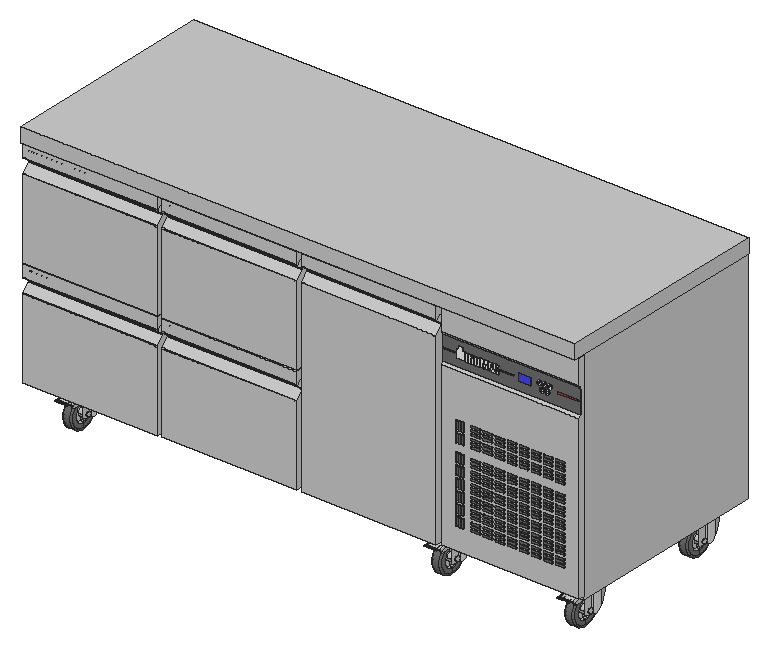
Revit family "QF_INOMAK_PNRP999_250513024609", category Specialty Equipment, Revit 2021 (continued)
Definition of nested family "QF_INOMAK_REF_COUNTERS_DOORS_DRAWERS_6956"
  Definition of nested family "3_Drawers_1-3"
    Forms (mm)
      Extrusion 5, solid, material <- "Finish", visible <- "3 Drawers"
        sketch origin (35, 0, -220.667) x (0, -1, 0) y (0, 0, 1)
          loop
            line (665.734, 908.339) -> (665.734, 935.243)
            arc (665.734, 935.243) -> (666.433, 936.929) -> (668.119, 937.628) r 2.385
            line (668.119, 937.628) -> (680.029, 937.628) -> (686.544, 928.324)
            arc (686.544, 928.324) -> (688.671, 927.602) -> (690, 929.414) r 1.9
            line (690, 929.414) -> (690, 967.667) -> (648, 967.667) -> (648, 674) -> (690, 674)
        from 0 to -1130
      Extrusion 6, solid, material <- "Finish", visible <- "3 Drawers"
        sketch origin (35, 0, -441.333) x (0, -1, 0) y (0, 0, 1)
          loop
            line (690, 595.333) -> (690, 800.031)
            arc (690, 800.031) -> (689.866, 800.704) -> (689.485, 801.274) r 1.757
            line (689.485, 801.274) -> (666.663, 824.096)
            arc (666.663, 824.096) -> (665.976, 825.125) -> (665.734, 826.339) r 3.172
            line (665.734, 826.339) -> (665.734, 857.243)
            arc (665.734, 857.243) -> (666.433, 858.929) -> (668.119, 859.628) r 2.385
            line (668.119, 859.628) -> (680.029, 859.628) -> (686.544, 850.324)
            arc (686.544, 850.324) -> (688.671, 849.602) -> (690, 851.414) r 1.9
            line (690, 851.414) -> (690, 889.333) -> (648, 889.333) -> (648, 595.333) -> (690, 595.333)
        from 0 to -1130
    Lines and regions (mm)
      symbolic lines, visible <- "3 Drawers"
        curve 1: line (35, -850, 900) -> (35, -890, 900)
        curve 2: line (35, -890, 900) -> (1165, -890, 900)
        curve 3: line (1165, -890, 900) -> (1165, -850, 900)
        curve 4: line (1165, -850, 900) -> (35, -850, 900)
        curve 5: line (1135, -850, 900) -> (1135, -700, 900)
        curve 6: line (65, -850, 900) -> (65, -700, 900)
        curve 7: line (35, -1040, 900) -> (35, -1080, 900)
        curve 8: line (35, -1080, 900) -> (1165, -1080, 900)
        curve 9: line (1165, -1080, 900) -> (1165, -1040, 900)
        curve 10: line (1165, -1040, 900) -> (35, -1040, 900)
        curve 11: line (1135, -1040, 900) -> (1135, -890, 900)
        curve 12: line (65, -1040, 900) -> (65, -890, 900)
        curve 13: line (35, -1225, 900) -> (35, -1265, 900)
        curve 14: line (35, -1265, 900) -> (1165, -1265, 900)
        curve 15: line (1165, -1265, 900) -> (1165, -1225, 900)
        curve 16: line (1165, -1225, 900) -> (35, -1225, 900)
        curve 17: line (1135, -1225, 900) -> (1135, -1080, 900)
        curve 18: line (65, -1225, 900) -> (65, -1080, 900)
    Dimensions and locks
      "Length Actual": plane 3 "Left" to plane 4 "Right"
      "Depth Actual": plane 5 "Front" to plane 1 "Back"
      "Height Actual": plane 6 "Top" to plane 8 "Legs top"
      "Front inset": plane 7 "Front legs" to plane 5 "Front"
      "Plinth height": plane 8 "Legs top" to plane 2
      "Rear inset": plane 9 "Backsplash thickness" to plane 1 "Back"
      "Right panel thickness": plane 11 "Right panel" to plane 4 "Right"
      "Left panel thickness": plane 3 "Left" to plane 10 "Left panel"
      plane 14 to plane 15 = 4.667 mm
      equal spacing: plane 14, plane 12, plane 15
      locked: plane 16 to plane 13 at 2
      equal spacing: plane 18, plane 17, plane 19
      plane 18 to plane 19 = 5.333 mm
      "Bottom inset": plane 20 to plane 8 "Legs top"
      equal spacing: plane 21, plane 17, plane 12, plane 16
      "Top inset": plane 13 to plane 6 "Top"
      locked: plane 21 to plane 20 at 2
      aligned and locked: level to plane 2
      aligned and locked: Extrusion 1 to plane 11 "Right panel"
      aligned and locked: plane 10 "Left panel" to curve 1
      aligned and locked: plane 10 "Left panel" to curve 7
      aligned and locked: plane 10 "Left panel" to curve 13
      aligned and locked: Extrusion 2 sketch curve to plane 10 "Left panel"
      aligned and locked: plane 11 "Right panel" to Extrusion 2 sketch curve
      aligned and locked: Extrusion 3 sketch curve to plane 10 "Left panel"
      aligned and locked: plane 11 "Right panel" to Extrusion 3 sketch curve
      aligned and locked: Extrusion 4 sketch curve to plane 10 "Left panel"
      aligned and locked: plane 11 "Right panel" to Extrusion 4 sketch curve
      aligned and locked: Extrusion 2 to plane 13
      aligned and locked: Extrusion 3 to plane 15
      aligned and locked: Extrusion 4 to plane 19
      aligned and locked: Extrusion 5 to plane 11 "Right panel"
      aligned and locked: Extrusion 6 to plane 11 "Right panel"
      aligned and locked: Extrusion 1 sketch curve to plane 13
      aligned and locked: Extrusion 1 sketch curve to plane 7 "Front legs"
      aligned and locked: plane 18 to Extrusion 5 sketch curve
      aligned and locked: Extrusion 6 sketch curve to Extrusion 4  (x2)
      aligned and locked: Extrusion 5 sketch curve to plane 15
      aligned and locked: Extrusion 4 to Extrusion 5 sketch curve
      aligned and locked: Extrusion 6 sketch curve to plane 19
      aligned and locked: Extrusion 6 sketch curve to plane 20
    Automatic sketch dimensions
      Extrusion 2 sketch curve to plane 7 "Front legs" = 0 mm
      Extrusion 2 sketch curve to plane 5 "Front" = 565.045 mm
      Extrusion 3 sketch curve to plane 7 "Front legs" = 0 mm
      Extrusion 3 sketch curve to plane 5 "Front" = 565.045 mm
      Extrusion 4 sketch curve to plane 7 "Front legs" = 0 mm
      Extrusion 4 sketch curve to plane 5 "Front" = 565.045 mm
      curve 14 to plane 11 "Right panel" = 0 mm
      curve 8 to plane 11 "Right panel" = 0 mm
      curve 3 to plane 11 "Right panel" = 0 mm
      curve 6 to plane 5 "Front" = 0 mm
      curve 5 to plane 5 "Front" = 0 mm
      curve 1 to plane 5 "Front" = 150 mm
      curve 2 to curve 3 = 40 mm
      curve 10 to curve 1 = 150 mm
      curve 9 to curve 9 = 40 mm
      curve 13 to curve 7 = 145 mm
      curve 14 to curve 13 = 40 mm
      curve 3 to curve 5 = 30 mm
      curve 15 to curve 17 = 30 mm
      curve 11 to curve 17 = 0 mm
      curve 6 to plane 10 "Left panel" = 30 mm
      curve 18 to plane 10 "Left panel" = 30 mm
      curve 12 to curve 18 = 0 mm
      Extrusion 1 sketch curve to plane 14 = 0 mm
      Extrusion 1 sketch curve to plane 7 "Front legs" = 0 mm
      plane 7 "Front legs" to Extrusion 1 sketch curve = 0.515 mm
      plane 7 "Front legs" to Extrusion 1 sketch curve = 1.757 mm
      plane 7 "Front legs" to Extrusion 1 sketch curve = 1.9 mm
      Extrusion 1 sketch curve to Extrusion 1 sketch curve = 1.556 mm
      plane 7 "Front legs" to Extrusion 1 sketch curve = 9.971 mm
      plane 7 "Front legs" to Extrusion 1 sketch curve = 21.094 mm
      Extrusion 1 sketch curve to Extrusion 1 sketch curve = 11.91 mm
      Extrusion 1 sketch curve to Extrusion 1 sketch curve = 2.243 mm
      Extrusion 1 sketch curve to Extrusion 1 sketch curve = 2.385 mm
      Extrusion 1 sketch curve to Extrusion 1 sketch curve = 20.119 mm
      plane 13 to Extrusion 1 sketch curve = 85.635 mm
      Extrusion 1 sketch curve to Extrusion 1 sketch curve = 22.822 mm
      Extrusion 1 sketch curve to Extrusion 1 sketch curve = 19.985 mm
      Extrusion 1 sketch curve to Extrusion 1 sketch curve = 6.919 mm
      plane 15 to Extrusion 5 sketch curve = 59.328 mm
      Extrusion 5 sketch curve to Extrusion 5 sketch curve = 17.734 mm
      plane 15 to Extrusion 5 sketch curve = 61.571 mm
      Extrusion 5 sketch curve to Extrusion 5 sketch curve = 0.929 mm
      Extrusion 5 sketch curve to Extrusion 5 sketch curve = 2.385 mm
      Extrusion 5 sketch curve to Extrusion 5 sketch curve = 11.91 mm
      Extrusion 5 sketch curve to Extrusion 5 sketch curve = 6.515 mm
      Extrusion 5 sketch curve to Extrusion 5 sketch curve = 1.556 mm
      Extrusion 5 sketch curve to Extrusion 5 sketch curve = 21.58 mm
      plane 15 to Extrusion 5 sketch curve = 84.393 mm
      Extrusion 5 sketch curve to Extrusion 5 sketch curve = 1.242 mm
      Extrusion 5 sketch curve to Extrusion 5 sketch curve = 1.9 mm
      Extrusion 5 sketch curve to Extrusion 5 sketch curve = 0.515 mm
      Extrusion 5 sketch curve to Extrusion 5 sketch curve = 6.919 mm
      Extrusion 5 sketch curve to Extrusion 5 sketch curve = 30.039 mm
      plane 7 "Front legs" to Extrusion 6 sketch curve = 0.515 mm
      plane 7 "Front legs" to Extrusion 6 sketch curve = 1.757 mm
      plane 7 "Front legs" to Extrusion 6 sketch curve = 1.9 mm
      Extrusion 6 sketch curve to Extrusion 6 sketch curve = 1.556 mm
      plane 7 "Front legs" to Extrusion 6 sketch curve = 9.971 mm
      plane 7 "Front legs" to Extrusion 6 sketch curve = 21.094 mm
      Extrusion 6 sketch curve to Extrusion 6 sketch curve = 11.91 mm
      Extrusion 6 sketch curve to Extrusion 6 sketch curve = 2.243 mm
      Extrusion 6 sketch curve to Extrusion 6 sketch curve = 2.385 mm
      Extrusion 6 sketch curve to Extrusion 6 sketch curve = 20.119 mm
      plane 19 to Extrusion 6 sketch curve = 89.302 mm
      Extrusion 6 sketch curve to Extrusion 6 sketch curve = 22.822 mm
      Extrusion 6 sketch curve to Extrusion 6 sketch curve = 23.985 mm
      Extrusion 6 sketch curve to Extrusion 6 sketch curve = 6.919 mm
  Definition of nested family "2_Drawers_1-2"
    Parameters (values of type "2 Drawers 1-2")
      URL = "www.specifiglobal.com"
      Top inset [instance] = 4 mm
      Right panel thickness [instance] = 35 mm
      Rear inset [instance] = 10 mm
      Plinth height [instance] = 150 mm
      Model = ""
      Manufacturer = "DEMO CONSULTANT"
      Length Actual [instance] = 1200 mm
      Left panel thickness [instance] = 35 mm
      Height Actual [instance] = 900 mm
      Front inset [instance] = 10 mm
      Finish = none
      Doors drawers type [instance] = 4
      Description = ""
      Depth Actual [instance] = 700 mm
      Default Elevation = 0 mm
      Bottom inset [instance] = 4 mm
      Assembly Code = "E1090320"
      2 Drawers [instance] = Doors drawers type = 4  # yes
    Reference planes
      plane 1 "Back": y = 0
      plane 2: z = 0
      plane 3 "Left": x = 0
      plane 4 "Right": x = 1200
      plane 5 "Front": y = -700
      plane 6 "Top": z = 1050
      plane 7 "Front legs": y = -690
      plane 8 "Legs top": z = 150
      plane 9 "Backsplash thickness": y = -10
      plane 10 "Left panel": x = 35
      plane 11 "Right panel": x = 1165
      plane 12: z = 600
      plane 13: z = 1046
      plane 14: z = 602
      plane 15: z = 598
      plane 16: z = 154
    Forms (mm)
      Extrusion 1, solid, material <- "Finish", visible <- "2 Drawers"
        sketch origin (35, 0, 0) x (0, -1, 0) y (0, 0, 1)
          loop
            line (690, 602) -> (690, 960.365)
            arc (690, 960.365) -> (689.866, 961.037) -> (689.485, 961.607) r 1.757
            line (689.485, 961.607) -> (666.663, 984.429)
            arc (666.663, 984.429) -> (665.976, 985.458) -> (665.734, 986.672) r 3.172
            line (665.734, 986.672) -> (665.734, 1013.576)
            arc (665.734, 1013.576) -> (666.433, 1015.262) -> (668.119, 1015.961) r 2.385
            line (668.119, 1015.961) -> (680.029, 1015.961) -> (686.544, 1006.657)
            arc (686.544, 1006.657) -> (688.671, 1005.935) -> (690, 1007.747) r 1.9
            line (690, 1007.747) -> (690, 1046) -> (648, 1046) -> (648, 602) -> (690, 602)
        from 0 to -1130
      Extrusion 2, solid, visible <- "2 Drawers", detail levels coarse
        sketch origin (0, -640.463, 602) x (0, 1, 0) y (-1, 0, 0)
          loop
            line (-49.537, -35) -> (-624.537, -35) -> (-624.537, -1165) -> (-49.537, -1165) -> (-49.537, -35)
        from 0 to 444
      Extrusion 3, solid, visible <- "2 Drawers", detail levels coarse
        sketch origin (0, -700, 154) x (-1, 0, 0) y (0, 1, 0)
          loop
            line (-35, 10) -> (-1165, 10) -> (-1165, -565) -> (-35, -565) -> (-35, 10)
        from 0 to -444
      Extrusion 4, solid, material <- "Finish", visible <- "2 Drawers"
        sketch origin (35, 0, -441.333) x (0, -1, 0) y (0, 0, 1)
          loop
            line (690, 595.333) -> (690, 953.698)
            arc (690, 953.698) -> (689.866, 954.37) -> (689.485, 954.94) r 1.757
            line (689.485, 954.94) -> (666.663, 977.763)
            arc (666.663, 977.763) -> (665.976, 978.792) -> (665.734, 980.006) r 3.172
            line (665.734, 980.006) -> (665.734, 1006.909)
            arc (665.734, 1006.909) -> (666.433, 1008.596) -> (668.119, 1009.294) r 2.385
            line (668.119, 1009.294) -> (680.029, 1009.294) -> (686.544, 999.991)
            arc (686.544, 999.991) -> (688.671, 999.268) -> (690, 1001.08) r 1.9
            line (690, 1001.08) -> (690, 1039.333) -> (648, 1039.333) -> (648, 595.333) -> (690, 595.333)
        from 0 to -1130
    Lines and regions (mm)
      symbolic lines, visible <- "2 Drawers"
        curve 1: line (35, -940, 900) -> (35, -980, 900)
        curve 2: line (35, -980, 900) -> (1165, -980, 900)
        curve 3: line (1165, -980, 900) -> (1165, -940, 900)
        curve 4: line (1165, -940, 900) -> (35, -940, 900)
        curve 5: line (1135, -940, 900) -> (1135, -700, 900)
        curve 6: line (65, -940, 900) -> (65, -700, 900)
        curve 7: line (35, -1225, 900) -> (35, -1265, 900)
        curve 8: line (35, -1265, 900) -> (1165, -1265, 900)
        curve 9: line (1165, -1265, 900) -> (1165, -1225, 900)
        curve 10: line (1165, -1225, 900) -> (35, -1225, 900)
        curve 11: line (1135, -1225, 900) -> (1135, -980, 900)
        curve 12: line (65, -1225, 900) -> (65, -980, 900)
    Dimensions and locks
      "Length Actual": plane 3 "Left" to plane 4 "Right"
      "Depth Actual": plane 5 "Front" to plane 1 "Back"
      "Height Actual": plane 6 "Top" to plane 8 "Legs top"
      "Front inset": plane 7 "Front legs" to plane 5 "Front"
      "Plinth height": plane 8 "Legs top" to plane 2
      "Rear inset": plane 9 "Backsplash thickness" to plane 1 "Back"
      "Right panel thickness": plane 11 "Right panel" to plane 4 "Right"
      "Left panel thickness": plane 3 "Left" to plane 10 "Left panel"
      "Top inset": plane 6 "Top" to plane 13
      "Bottom inset": plane 16 to plane 8 "Legs top"
      equal spacing: plane 16, plane 12, plane 13
      locked: plane 14 to plane 12 at 2
      locked: plane 15 to plane 12 at 2
      aligned and locked: level to plane 2
      aligned and locked: Extrusion 1 to plane 11 "Right panel"
      aligned and locked: plane 10 "Left panel" to curve 1
      aligned and locked: plane 10 "Left panel" to curve 7
      aligned and locked: Extrusion 2 sketch curve to plane 10 "Left panel"
      aligned and locked: plane 11 "Right panel" to Extrusion 2 sketch curve
      aligned and locked: Extrusion 3 sketch curve to plane 10 "Left panel"
      aligned and locked: plane 11 "Right panel" to Extrusion 3 sketch curve
      aligned and locked: Extrusion 2 to plane 13
      aligned and locked: Extrusion 4 to plane 11 "Right panel"
      aligned and locked: Extrusion 3 to plane 15
      aligned and locked: Extrusion 1 sketch curve to plane 13
      aligned and locked: Extrusion 1 sketch curve to plane 7 "Front legs"
      aligned and locked: plane 14 to Extrusion 1 sketch curve
      aligned and locked: Extrusion 4 sketch curve to plane 15
      aligned and locked: Extrusion 4 sketch curve to plane 7 "Front legs"
      aligned and locked: Extrusion 4 sketch curve to plane 16
    Automatic sketch dimensions
      Extrusion 2 sketch curve to plane 7 "Front legs" = 0 mm
      Extrusion 2 sketch curve to plane 5 "Front" = 565 mm
      Extrusion 3 sketch curve to plane 7 "Front legs" = 0 mm
      Extrusion 3 sketch curve to plane 5 "Front" = 565 mm
      curve 9 to plane 11 "Right panel" = 0 mm
      curve 2 to plane 11 "Right panel" = 0 mm
      curve 5 to plane 5 "Front" = 0 mm
      curve 6 to plane 5 "Front" = 0 mm
      curve 1 to plane 5 "Front" = 240 mm
      curve 3 to curve 3 = 40 mm
      curve 7 to curve 1 = 245 mm
      curve 8 to curve 9 = 40 mm
      plane 11 "Right panel" to curve 5 = 30 mm
      curve 2 to curve 11 = 30 mm
      curve 6 to plane 10 "Left panel" = 30 mm
      curve 12 to plane 10 "Left panel" = 30 mm
      Extrusion 1 sketch curve to Extrusion 1 sketch curve = 17.734 mm
      Extrusion 1 sketch curve to Extrusion 1 sketch curve = 0.929 mm
      Extrusion 1 sketch curve to Extrusion 1 sketch curve = 2.385 mm
      Extrusion 1 sketch curve to Extrusion 1 sketch curve = 3.172 mm
      Extrusion 1 sketch curve to Extrusion 1 sketch curve = 11.91 mm
      Extrusion 1 sketch curve to Extrusion 1 sketch curve = 6.515 mm
      Extrusion 1 sketch curve to Extrusion 1 sketch curve = 1.556 mm
      Extrusion 1 sketch curve to Extrusion 1 sketch curve = 21.58 mm
      Extrusion 1 sketch curve to Extrusion 1 sketch curve = 1.242 mm
      Extrusion 1 sketch curve to Extrusion 1 sketch curve = 1.9 mm
      Extrusion 1 sketch curve to Extrusion 1 sketch curve = 0.515 mm
      Extrusion 1 sketch curve to Extrusion 1 sketch curve = 22.822 mm
      Extrusion 1 sketch curve to Extrusion 1 sketch curve = 19.985 mm
      Extrusion 1 sketch curve to Extrusion 1 sketch curve = 6.919 mm
      Extrusion 1 sketch curve to Extrusion 1 sketch curve = 30.039 mm
      Extrusion 4 sketch curve to plane 7 "Front legs" = 0 mm
      plane 7 "Front legs" to Extrusion 4 sketch curve = 0.515 mm
      plane 7 "Front legs" to Extrusion 4 sketch curve = 1.757 mm
      plane 7 "Front legs" to Extrusion 4 sketch curve = 1.9 mm
      Extrusion 4 sketch curve to Extrusion 4 sketch curve = 1.556 mm
      plane 7 "Front legs" to Extrusion 4 sketch curve = 9.971 mm
      plane 7 "Front legs" to Extrusion 4 sketch curve = 21.094 mm
      Extrusion 4 sketch curve to Extrusion 4 sketch curve = 11.91 mm
      Extrusion 4 sketch curve to Extrusion 4 sketch curve = 2.243 mm
      Extrusion 4 sketch curve to Extrusion 4 sketch curve = 2.385 mm
      Extrusion 4 sketch curve to Extrusion 4 sketch curve = 20.119 mm
      Extrusion 4 sketch curve to Extrusion 4 sketch curve = 22.822 mm
      Extrusion 4 sketch curve to Extrusion 4 sketch curve = 19.985 mm
      Extrusion 4 sketch curve to Extrusion 4 sketch curve = 6.919 mm
      Extrusion 4 sketch curve to Extrusion 4 sketch curve = 30.039 mm
  Definition of nested family "2_Drawers_1-3_2-3"
    Parameters (values of type "2 Drawers 1-3 and 2-3")
      URL = "www.specifiglobal.com"
      Top inset [instance] = 4 mm
      Right panel thickness [instance] = 35 mm
      Rear inset [instance] = 10 mm
      Plinth height [instance] = 150 mm
      Model = ""
      Manufacturer = "DEMO CONSULTANT"
      Length Actual [instance] = 1200 mm
      Left panel thickness [instance] = 35 mm
      Height Actual [instance] = 900 mm
      Front inset [instance] = 10 mm
      Finish = none
      Doors drawers type [instance] = 5
      Description = ""
      Depth Actual [instance] = 700 mm
      Default Elevation = 0 mm
      Bottom inset [instance] = 4 mm
      Assembly Code = "E1090320"
      2 Drawers 1-3 and 2-3 [instance] = Doors drawers type = 5  # yes
    Reference planes
      plane 1 "Back": y = 0
      plane 2: z = 0
      plane 3 "Left": x = 0
      plane 4 "Right": x = 1200
      plane 5 "Front": y = -700
      plane 6 "Top": z = 1050
      plane 7 "Front legs": y = -690
      plane 8 "Legs top": z = 150
      plane 9 "Backsplash thickness": y = -10
      plane 10 "Left panel": x = 35
      plane 11 "Right panel": x = 1165
      plane 12: z = 1046
      plane 13: z = 751.833
      plane 14: z = 746.833
      plane 15: z = 154
      plane 16: z = 450.667
      plane 17: z = 152
      plane 18: z = 1048
      plane 19: z = 749.333
    Forms (mm)
      Extrusion 1, solid, material <- "Finish", visible <- "2 Drawers 1-3 and 2-3"
        sketch origin (35, 0, 0) x (0, -1, 0) y (0, 0, 1)
          loop
            line (690, 751.833) -> (690, 960.365)
            arc (690, 960.365) -> (689.866, 961.037) -> (689.485, 961.607) r 1.757
            line (689.485, 961.607) -> (666.663, 984.429)
            arc (666.663, 984.429) -> (665.976, 985.458) -> (665.734, 986.672) r 3.172
            line (665.734, 986.672) -> (665.734, 1013.576)
            arc (665.734, 1013.576) -> (666.433, 1015.262) -> (668.119, 1015.961) r 2.385
            line (668.119, 1015.961) -> (680.029, 1015.961) -> (686.544, 1006.657)
            arc (686.544, 1006.657) -> (688.671, 1005.935) -> (690, 1007.747) r 1.9
            line (690, 1007.747) -> (690, 1046) -> (648, 1046) -> (648, 751.833) -> (690, 751.833)
        from 0 to -1130
      Extrusion 2, solid, visible <- "2 Drawers 1-3 and 2-3", detail levels coarse
        sketch origin (0, -640.463, 751.833) x (0, 1, 0) y (-1, 0, 0)
          loop
            line (-49.537, -35) -> (-624.537, -35) -> (-624.537, -1165) -> (-49.537, -1165) -> (-49.537, -35)
        from 0 to 294.167
      Extrusion 3, solid, visible <- "2 Drawers 1-3 and 2-3", detail levels coarse
        sketch origin (0, -700, 154) x (-1, 0, 0) y (0, 1, 0)
          loop
            line (-35, 10) -> (-1165, 10) -> (-1165, -565) -> (-35, -565) -> (-35, 10)
        from 0 to -592.833
      Extrusion 4, solid, material <- "Finish", visible <- "2 Drawers 1-3 and 2-3"
        sketch origin (35, 0, -441.333) x (0, -1, 0) y (0, 0, 1)
          loop
            line (690, 595.333) -> (690, 1101.698)
            arc (690, 1101.698) -> (689.866, 1102.37) -> (689.485, 1102.94) r 1.757
            line (689.485, 1102.94) -> (666.663, 1126.596)
            arc (666.663, 1126.596) -> (665.976, 1127.625) -> (665.734, 1128.839) r 3.172
            line (665.734, 1128.839) -> (665.734, 1155.743)
            arc (665.734, 1155.743) -> (666.433, 1157.429) -> (668.119, 1158.128) r 2.385
            line (668.119, 1158.128) -> (680.029, 1158.128) -> (686.544, 1148.824)
            arc (686.544, 1148.824) -> (688.671, 1148.102) -> (690, 1149.914) r 1.9
            line (690, 1149.914) -> (690, 1188.167) -> (648, 1188.167) -> (648, 595.333) -> (690, 595.333)
        from 0 to -1130
    Lines and regions (mm)
      symbolic lines, visible <- "2 Drawers 1-3 and 2-3"
        curve 1: line (35, -1000, 900) -> (35, -1040, 900)
        curve 2: line (35, -1040, 900) -> (1165, -1040, 900)
        curve 3: line (1165, -1040, 900) -> (1165, -1000, 900)
        curve 4: line (1165, -1000, 900) -> (35, -1000, 900)
        curve 5: line (1135, -1000, 900) -> (1135, -700, 900)
        curve 6: line (65, -1000, 900) -> (65, -700, 900)
        curve 7: line (35, -1225, 900) -> (35, -1265, 900)
        curve 8: line (35, -1265, 900) -> (1165, -1265, 900)
        curve 9: line (1165, -1265, 900) -> (1165, -1225, 900)
        curve 10: line (1165, -1225, 900) -> (35, -1225, 900)
        curve 11: line (1135, -1225, 900) -> (1135, -1040, 900)
        curve 12: line (65, -1225, 900) -> (65, -1040, 900)
    Dimensions and locks
      "Length Actual": plane 3 "Left" to plane 4 "Right"
      "Depth Actual": plane 5 "Front" to plane 1 "Back"
      "Height Actual": plane 6 "Top" to plane 8 "Legs top"
      "Front inset": plane 7 "Front legs" to plane 5 "Front"
      "Plinth height": plane 8 "Legs top" to plane 2
      "Rear inset": plane 9 "Backsplash thickness" to plane 1 "Back"
      "Right panel thickness": plane 11 "Right panel" to plane 4 "Right"
      "Left panel thickness": plane 3 "Left" to plane 10 "Left panel"
      "Top inset": plane 6 "Top" to plane 12
      locked: plane 13 to plane 14 at 5
      "Bottom inset": plane 15 to plane 8 "Legs top"
      equal spacing: plane 17, plane 16, plane 19, plane 18
      equal spacing: plane 12, plane 18, plane 6 "Top"
      equal spacing: plane 14, plane 19, plane 13
      equal spacing: plane 15, plane 17, plane 8 "Legs top"
      aligned and locked: level to plane 2
      aligned and locked: Extrusion 1 to plane 11 "Right panel"
      aligned and locked: plane 10 "Left panel" to curve 1
      aligned and locked: plane 10 "Left panel" to curve 7
      aligned and locked: Extrusion 2 sketch curve to plane 10 "Left panel"
      aligned and locked: plane 11 "Right panel" to Extrusion 2 sketch curve
      aligned and locked: Extrusion 3 sketch curve to plane 10 "Left panel"
      aligned and locked: plane 11 "Right panel" to Extrusion 3 sketch curve
      aligned and locked: Extrusion 2 to plane 12
      aligned and locked: Extrusion 4 to plane 11 "Right panel"
      aligned and locked: Extrusion 3 to plane 14
      aligned and locked: plane 13 to Extrusion 1 sketch curve
      aligned and locked: Extrusion 2 to Extrusion 1 sketch curve
      aligned and locked: Extrusion 3 to Extrusion 4 sketch curve
      aligned and locked: Extrusion 4 sketch curve to Extrusion 3  (x2)
      aligned and locked: Extrusion 1 sketch curve to plane 7 "Front legs"
    Automatic sketch dimensions
      Extrusion 2 sketch curve to plane 7 "Front legs" = 0 mm
      Extrusion 2 sketch curve to plane 5 "Front" = 565 mm
      Extrusion 3 sketch curve to plane 7 "Front legs" = 0 mm
      Extrusion 3 sketch curve to plane 5 "Front" = 565 mm
      curve 9 to plane 11 "Right panel" = 0 mm
      curve 2 to plane 11 "Right panel" = 0 mm
      curve 5 to plane 5 "Front" = 0 mm
      curve 6 to plane 5 "Front" = 0 mm
      curve 1 to plane 5 "Front" = 300 mm
      curve 3 to curve 3 = 40 mm
      curve 7 to curve 1 = 185 mm
      curve 8 to curve 9 = 40 mm
      plane 11 "Right panel" to curve 5 = 30 mm
      curve 11 to curve 5 = 0 mm
      curve 6 to plane 10 "Left panel" = 30 mm
      curve 12 to curve 6 = 0 mm
      Extrusion 1 sketch curve to plane 7 "Front legs" = 0 mm
      plane 7 "Front legs" to Extrusion 1 sketch curve = 0.515 mm
      plane 7 "Front legs" to Extrusion 1 sketch curve = 1.757 mm
      plane 7 "Front legs" to Extrusion 1 sketch curve = 1.9 mm
      Extrusion 1 sketch curve to Extrusion 1 sketch curve = 1.556 mm
      plane 7 "Front legs" to Extrusion 1 sketch curve = 9.971 mm
      plane 7 "Front legs" to Extrusion 1 sketch curve = 21.094 mm
      Extrusion 1 sketch curve to Extrusion 1 sketch curve = 11.91 mm
      Extrusion 1 sketch curve to Extrusion 1 sketch curve = 2.243 mm
      Extrusion 1 sketch curve to Extrusion 1 sketch curve = 2.385 mm
      Extrusion 1 sketch curve to Extrusion 1 sketch curve = 20.119 mm
      plane 12 to Extrusion 1 sketch curve = 85.635 mm
      Extrusion 1 sketch curve to Extrusion 1 sketch curve = 22.822 mm
      Extrusion 1 sketch curve to Extrusion 1 sketch curve = 19.985 mm
      Extrusion 1 sketch curve to Extrusion 1 sketch curve = 6.919 mm
      plane 12 to Extrusion 1 sketch curve = 0 mm
      Extrusion 4 sketch curve to plane 7 "Front legs" = 0 mm
      plane 7 "Front legs" to Extrusion 4 sketch curve = 0.515 mm
      plane 7 "Front legs" to Extrusion 4 sketch curve = 1.9 mm
      Extrusion 4 sketch curve to Extrusion 4 sketch curve = 1.556 mm
      plane 7 "Front legs" to Extrusion 4 sketch curve = 9.971 mm
      plane 7 "Front legs" to Extrusion 4 sketch curve = 21.094 mm
      Extrusion 4 sketch curve to Extrusion 4 sketch curve = 11.91 mm
      Extrusion 4 sketch curve to Extrusion 4 sketch curve = 2.243 mm
      Extrusion 4 sketch curve to Extrusion 4 sketch curve = 2.385 mm
      Extrusion 4 sketch curve to Extrusion 4 sketch curve = 20.119 mm
      Extrusion 4 sketch curve to Extrusion 4 sketch curve = 86.469 mm
      Extrusion 4 sketch curve to Extrusion 4 sketch curve = 23.656 mm
      Extrusion 4 sketch curve to Extrusion 4 sketch curve = 19.985 mm
      Extrusion 4 sketch curve to Extrusion 4 sketch curve = 6.919 mm
      plane 7 "Front legs" to Extrusion 4 sketch curve = 1.757 mm
  Definition of nested family "Sliding_Doors"
    Parameters (values of type "Sliding doors")
      URL = "www.specifiglobal.com"
      Top inset [instance] = 4 mm
      Sliding doors [instance] = Doors drawers type = 2  # yes
      Right panel thickness [instance] = 35 mm
      Rear inset [instance] = 10 mm
      Plinth height [instance] = 150 mm
      Model = ""
      Manufacturer = "DEMO CONSULTANT"
      Length Actual [instance] = 1200 mm
      Left panel thickness [instance] = 35 mm
      Height Actual [instance] = 900 mm
      Front inset [instance] = 10 mm
      Finish [instance] = none
      Doors drawers type [instance] = 2
      Description = ""
      Depth Actual [instance] = 700 mm
      Default Elevation = 0 mm
      Bottom inset [instance] = 4 mm
      Assembly Code = "E1090320"
    Reference planes
      plane 1 "Back": y = 0
      plane 2: z = 0
      plane 3 "Left": x = 0
      plane 4 "Right": x = 1200
      plane 5 "Front": y = -700
      plane 6 "Top": z = 1050
      plane 7 "Front legs": y = -690
      plane 8 "Legs top": z = 150
      plane 9 "Backsplash thickness": y = -10
      plane 10: x = 35
      plane 11: x = 1165
      plane 12 "Center Left-Right": x = 600
      plane 13: z = 154
      plane 14: z = 1046
    Forms (mm)
      Extrusion 1, solid, material <- "Finish", visible <- "Sliding doors"
        sketch origin (0, -690, 154) x (-1, 0, 0) y (0, 1, 0)
          loop
            line (-35, 10) -> (-35, 20) -> (-620, 20) -> (-620, 0) -> (-91.156, 0)
            arc (-91.156, 0) -> (-85.272, 0.885) -> (-79.91, 3.461) r 20
            line (-79.91, 3.461) -> (-60, 17) -> (-38, 17) -> (-38, 10)
            arc (-38, 10) -> (-40.05, 5.05) -> (-45, 3) r 7
            line (-45, 3) -> (-50.012, 3) -> (-50.012, 0) -> (-45, 0)
            arc (-45, 0) -> (-37.929, 2.929) -> (-35, 10) r 10
        from 0 to -892
      Extrusion 2, solid, material <- "Finish", visible <- "Sliding doors"
        sketch origin (0, -689, 154) x (-1, 0, 0) y (0, 1, 0)
          loop
            arc (-1065, 30) -> (-1062.071, 22.929) -> (-1055, 20) r 10
            line (-1055, 20) -> (-1049.988, 20) -> (-1049.988, 23) -> (-1055, 23)
            arc (-1055, 23) -> (-1059.95, 25.05) -> (-1062, 30) r 7
            line (-1062, 30) -> (-1062, 37) -> (-1040, 37) -> (-1020.09, 23.461)
            arc (-1020.09, 23.461) -> (-1014.728, 20.885) -> (-1008.844, 20) r 20
            line (-1008.844, 20) -> (-480, 20) -> (-480, 40) -> (-1065, 40) -> (-1065, 30)
        from 0 to -892
    Lines and regions (mm)
      symbolic lines, visible <- "Sliding doors"
        curve 1: line (1065, -649, 150) -> (480, -649, 150)
        curve 2: line (1065, -669, 150) -> (1065, -649, 150)
        curve 3: line (480, -669, 150) -> (1065, -669, 150)
        curve 4: line (480, -649, 150) -> (480, -669, 150)
        curve 5: line (620, -690, 150) -> (35, -690, 150)
        curve 6: line (620, -670, 150) -> (620, -690, 150)
        curve 7: line (35, -670, 150) -> (620, -670, 150)
        curve 8: line (35, -690, 150) -> (35, -670, 150)
    Dimensions and locks
      "Length Actual": plane 3 "Left" to plane 4 "Right"
      "Depth Actual": plane 5 "Front" to plane 1 "Back"
      "Height Actual": plane 6 "Top" to plane 8 "Legs top"
      "Front inset": plane 7 "Front legs" to plane 5 "Front"
      "Plinth height": plane 8 "Legs top" to plane 2
      "Rear inset": plane 9 "Backsplash thickness" to plane 1 "Back"
      "Right panel thickness": plane 11 to plane 4 "Right"
      "Left panel thickness": plane 3 "Left" to plane 10
      equal spacing: plane 10, plane 12 "Center Left-Right", plane 11
      "Top inset": plane 6 "Top" to plane 14
      "Bottom inset": plane 13 to plane 8 "Legs top"
      locked: plane 12 "Center Left-Right" to curve 4 at 120
      locked: plane 12 "Center Left-Right" to curve 5 at 20
      locked: plane 11 to curve 1 at 100
      aligned and locked: level to plane 2
      aligned and locked: Extrusion 1 sketch curve to plane 7 "Front legs"
      aligned and locked: Extrusion 1 sketch curve to plane 10
      aligned and locked: Extrusion 1 to plane 14
      aligned and locked: Extrusion 2 to plane 14
      aligned and locked: curve 8 to plane 10
    Automatic sketch dimensions
      Extrusion 2 sketch curve to Extrusion 2 sketch curve = 0 mm  (x2)
      plane 11 to Extrusion 2 sketch curve = 100 mm
      Extrusion 2 sketch curve to Extrusion 2 sketch curve = 3 mm
      Extrusion 2 sketch curve to Extrusion 2 sketch curve = 7 mm  (x2)
      Extrusion 2 sketch curve to Extrusion 2 sketch curve = 5.012 mm
      plane 7 "Front legs" to Extrusion 2 sketch curve = 38 mm
      Extrusion 2 sketch curve to Extrusion 2 sketch curve = 15 mm
      plane 7 "Front legs" to Extrusion 2 sketch curve = 24.461 mm
      Extrusion 2 sketch curve to Extrusion 2 sketch curve = 19.91 mm
      Extrusion 2 sketch curve to Extrusion 2 sketch curve = 11.246 mm
      Extrusion 2 sketch curve to plane 12 "Center Left-Right" = 120 mm
      Extrusion 2 sketch curve to Extrusion 2 sketch curve = 16.539 mm
      Extrusion 2 sketch curve to Extrusion 2 sketch curve = 20 mm
      Extrusion 1 sketch curve to Extrusion 1 sketch curve = 0 mm  (x2)
      Extrusion 1 sketch curve to plane 7 "Front legs" = 0 mm
      Extrusion 1 sketch curve to plane 10 = 3 mm
      Extrusion 1 sketch curve to Extrusion 1 sketch curve = 7 mm
      Extrusion 1 sketch curve to Extrusion 1 sketch curve = 5.012 mm
      Extrusion 1 sketch curve to Extrusion 1 sketch curve = 15 mm
      plane 7 "Front legs" to Extrusion 1 sketch curve = 3.461 mm
      Extrusion 1 sketch curve to Extrusion 1 sketch curve = 19.91 mm
      Extrusion 1 sketch curve to Extrusion 1 sketch curve = 11.246 mm
      plane 12 "Center Left-Right" to Extrusion 1 sketch curve = 20 mm
      Extrusion 1 sketch curve to Extrusion 1 sketch curve = 20 mm
      Extrusion 1 sketch curve to Extrusion 1 sketch curve = 3 mm
      curve 8 to plane 7 "Front legs" = 0 mm
      curve 5 to curve 6 = 20 mm
      plane 7 "Front legs" to curve 2 = 21 mm
      curve 2 to curve 2 = 20 mm
  Definition of nested family "4_Drawers_1-4"
    Parameters (values of type "4 Drawers 1-4")
      URL = "www.specifiglobal.com"
      Top inset [instance] = 4 mm
      Right panel thickness [instance] = 35 mm
      Rear inset [instance] = 10 mm
      Plinth height [instance] = 150 mm
      Model = ""
      Manufacturer = "DEMO CONSULTANT"
      Length Actual [instance] = 1200 mm
      Left panel thickness [instance] = 35 mm
      Height Actual [instance] = 900 mm
      Front inset [instance] = 10 mm
      Finish [instance] = none
      Doors drawers type [instance] = 7
      Description = ""
      Depth Actual [instance] = 700 mm
      Default Elevation = 0 mm
      Bottom inset [instance] = 4 mm
      Assembly Code = "E1090320"
      4 Drawers [instance] = Doors drawers type = 7  # yes
    Reference planes
      plane 1 "Back": y = 0
      plane 2: z = 0
      plane 3 "Left": x = 0
      plane 4 "Right": x = 1200
      plane 5 "Front": y = -700
      plane 6 "Top": z = 1050
      plane 7 "Front legs": y = -690
      plane 8 "Legs top": z = 150
      plane 9 "Backsplash thickness": y = -10
      plane 10 "Left panel": x = 35
      plane 11 "Right panel": x = 1165
      plane 12: z = 824.25
      plane 13: z = 1046
      plane 14: z = 826.083
      plane 15: z = 822.417
      plane 16: z = 1048.5
      plane 17: z = 375.75
      plane 18: z = 377.917
      plane 19: z = 373.583
      plane 20: z = 154
      plane 21: z = 151.5
      plane 22: z = 600
      plane 23: z = 601.833
      plane 24: z = 598.167
    Forms (mm)
      Extrusion 1, solid, material <- "Finish", visible <- "4 Drawers"
        sketch origin (35, 0, -1) x (0, -1, 0) y (0, 0, 1)
          loop
            line (680, 1047) -> (670, 1047) -> (670, 827.083) -> (690, 827.083) -> (690, 990.844)
            arc (690, 990.844) -> (689.115, 996.728) -> (686.539, 1002.09) r 20
            line (686.539, 1002.09) -> (673, 1022) -> (673, 1044) -> (680, 1044)
            arc (680, 1044) -> (684.95, 1041.95) -> (687, 1037) r 7
            line (687, 1037) -> (687, 1031.988) -> (690, 1031.988) -> (690, 1037)
            arc (690, 1037) -> (687.071, 1044.071) -> (680, 1047) r 10
        from 0 to -1130
      Extrusion 2, solid, visible <- "4 Drawers", detail levels coarse
        sketch origin (0, -640.463, 826.083) x (0, 1, 0) y (-1, 0, 0)
          loop
            line (-49.537, -35) -> (-624.537, -35) -> (-624.537, -1165) -> (-49.537, -1165) -> (-49.537, -35)
        from 0 to 219.917
      Extrusion 3, solid, visible <- "4 Drawers", detail levels coarse
        sketch origin (0, -700, 154) x (-1, 0, 0) y (0, 1, 0)
          loop
            line (-35, 10) -> (-1165, 10) -> (-1165, -565) -> (-35, -565) -> (-35, 10)
        from 0 to -219.583
      Extrusion 4, solid, material <- "Finish", visible <- "4 Drawers"
        sketch origin (35, 0, -440.333) x (0, -1, 0) y (0, 0, 1)
          loop
            line (680, 813.917) -> (670, 813.917) -> (670, 594.333) -> (690, 594.333) -> (690, 757.761)
            arc (690, 757.761) -> (689.115, 763.644) -> (686.539, 769.007) r 20
            line (686.539, 769.007) -> (673, 788.917) -> (673, 810.917) -> (680, 810.917)
            arc (680, 810.917) -> (684.95, 808.866) -> (687, 803.917) r 7
            line (687, 803.917) -> (687, 798.904) -> (690, 798.904) -> (690, 803.917)
            arc (690, 803.917) -> (687.071, 810.988) -> (680, 813.917) r 10
        from 0 to -1130
      Extrusion 5, solid, material <- "Finish", visible <- "4 Drawers"
        sketch origin (35, 0, -165.333) x (0, -1, 0) y (0, 0, 1)
          loop
            line (680, 987.75) -> (670, 987.75) -> (670, 767.167) -> (690, 767.167) -> (690, 931.594)
            arc (690, 931.594) -> (689.115, 937.478) -> (686.539, 942.84) r 20
            line (686.539, 942.84) -> (673, 962.75) -> (673, 984.75) -> (680, 984.75)
            arc (680, 984.75) -> (684.95, 982.7) -> (687, 977.75) r 7
            line (687, 977.75) -> (687, 972.738) -> (690, 972.738) -> (690, 977.75)
            arc (690, 977.75) -> (687.071, 984.821) -> (680, 987.75) r 10
        from 0 to -1130
      Extrusion 6, solid, material <- "Finish", visible <- "4 Drawers"
        sketch origin (35, 0, -330.333) x (0, -1, 0) y (0, 0, 1)
          loop
            line (680, 928.5) -> (670, 928.5) -> (670, 708.25) -> (690, 708.25) -> (690, 872.344)
            arc (690, 872.344) -> (689.115, 878.228) -> (686.539, 883.59) r 20
            line (686.539, 883.59) -> (673, 903.5) -> (673, 925.5) -> (680, 925.5)
            arc (680, 925.5) -> (684.95, 923.45) -> (687, 918.5) r 7
            line (687, 918.5) -> (687, 913.488) -> (690, 913.488) -> (690, 918.5)
            arc (690, 918.5) -> (687.071, 925.571) -> (680, 928.5) r 10
        from 0 to -1130
      Extrusion 7, solid, visible <- "4 Drawers", detail levels coarse
        sketch origin (0, -500.463, 601.833) x (0, 1, 0) y (-1, 0, 0)
          loop
            line (-189.537, -35) -> (-764.537, -35) -> (-764.537, -1165) -> (-189.537, -1165) -> (-189.537, -35)
        from 0 to 220.583
      Extrusion 8, solid, visible <- "4 Drawers", detail levels coarse
        sketch origin (0, -540.463, 377.917) x (0, 1, 0) y (-1, 0, 0)
          loop
            line (-149.537, -35) -> (-724.537, -35) -> (-724.537, -1165) -> (-149.537, -1165) -> (-149.537, -35)
        from 0 to 220.25
    Lines and regions (mm)
      symbolic lines, visible <- "4 Drawers"
        curve 1: line (35, -945, 900) -> (35, -985, 900)
        curve 2: line (35, -985, 900) -> (1165, -985, 900)
        curve 3: line (1165, -985, 900) -> (1165, -945, 900)
        curve 4: line (1165, -945, 900) -> (35, -945, 900)
        curve 5: line (1135, -945, 900) -> (1135, -845, 900)
        curve 6: line (65, -945, 900) -> (65, -845, 900)
        curve 7: line (35, -1085, 900) -> (35, -1125, 900)
        curve 8: line (35, -1125, 900) -> (1165, -1125, 900)
        curve 9: line (1165, -1125, 900) -> (1165, -1085, 900)
        curve 10: line (1165, -1085, 900) -> (35, -1085, 900)
        curve 11: line (1135, -1085, 900) -> (1135, -985, 900)
        curve 12: line (65, -1085, 900) -> (65, -985, 900)
        curve 13: line (35, -1225, 900) -> (35, -1265, 900)
        curve 14: line (35, -1265, 900) -> (1165, -1265, 900)
        curve 15: line (1165, -1265, 900) -> (1165, -1225, 900)
        curve 16: line (1165, -1225, 900) -> (35, -1225, 900)
        curve 17: line (1135, -1225, 900) -> (1135, -1125, 900)
        curve 18: line (65, -1225, 900) -> (65, -1125, 900)
        curve 19: line (35, -805, 900) -> (35, -845, 900)
        curve 20: line (35, -845, 900) -> (1165, -845, 900)
        curve 21: line (1165, -845, 900) -> (1165, -805, 900)
        curve 22: line (1165, -805, 900) -> (35, -805, 900)
        curve 23: line (65, -805, 900) -> (65, -700, 900)
        curve 24: line (1135, -805, 900) -> (1135, -700, 900)
    Dimensions and locks
      "Length Actual": plane 3 "Left" to plane 4 "Right"
      "Depth Actual": plane 5 "Front" to plane 1 "Back"
      "Height Actual": plane 6 "Top" to plane 8 "Legs top"
      "Front inset": plane 7 "Front legs" to plane 5 "Front"
      "Plinth height": plane 8 "Legs top" to plane 2
      "Rear inset": plane 9 "Backsplash thickness" to plane 1 "Back"
      "Right panel thickness": plane 11 "Right panel" to plane 4 "Right"
      "Left panel thickness": plane 3 "Left" to plane 10 "Left panel"
      locked: plane 14 to plane 15 at 3.667
      equal spacing: plane 14, plane 12, plane 15
      locked: plane 23 to plane 24 at 3.667
      equal spacing: plane 23, plane 22, plane 24
      "Bottom inset": plane 20 to plane 8 "Legs top"
      equal spacing: plane 19, plane 17, plane 18
      locked: plane 19 to plane 18 at 4.333
      equal spacing: plane 21, plane 17, plane 22, plane 12, plane 16
      locked: plane 13 to plane 16 at 2.5
      "Top inset": plane 13 to plane 6 "Top"
      locked: plane 21 to plane 20 at 2.5
      aligned and locked: level to plane 2
      aligned and locked: plane 7 "Front legs" to Extrusion 1 sketch curve  (x2)
      aligned and locked: Extrusion 1 to plane 11 "Right panel"
      aligned and locked: Extrusion 1 sketch curve to plane 13
      aligned and locked: Extrusion 1 sketch curve to plane 14
      aligned and locked: plane 10 "Left panel" to curve 1
      aligned and locked: plane 10 "Left panel" to curve 7
      aligned and locked: plane 10 "Left panel" to curve 13
      aligned and locked: Extrusion 2 sketch curve to plane 10 "Left panel"
      aligned and locked: plane 11 "Right panel" to Extrusion 2 sketch curve
      aligned and locked: Extrusion 3 sketch curve to plane 10 "Left panel"
      aligned and locked: plane 11 "Right panel" to Extrusion 3 sketch curve
      aligned and locked: Extrusion 2 to plane 13
      aligned and locked: Extrusion 3 to plane 19
      aligned and locked: plane 20 to Extrusion 4 sketch curve
      aligned and locked: Extrusion 4 to plane 11 "Right panel"
      aligned and locked: Extrusion 5 sketch curve to plane 15
      aligned and locked: plane 7 "Front legs" to Extrusion 5 sketch curve
      aligned and locked: Extrusion 5 sketch curve to plane 23
      aligned and locked: Extrusion 6 sketch curve to plane 24
      aligned and locked: plane 7 "Front legs" to Extrusion 6 sketch curve
      aligned and locked: Extrusion 6 sketch curve to plane 18
      aligned and locked: Extrusion 7 to plane 15
      aligned and locked: Extrusion 8 to plane 24
      aligned and locked: Extrusion 5 to plane 11 "Right panel"
      aligned and locked: Extrusion 6 to plane 11 "Right panel"
    Automatic sketch dimensions
      Extrusion 1 sketch curve to Extrusion 1 sketch curve = 0 mm  (x2)
      plane 7 "Front legs" to Extrusion 1 sketch curve = 3 mm
      plane 7 "Front legs" to Extrusion 1 sketch curve = 3.461 mm
      plane 7 "Front legs" to Extrusion 1 sketch curve = 10 mm
      Extrusion 1 sketch curve to Extrusion 1 sketch curve = 7 mm
      plane 7 "Front legs" to Extrusion 1 sketch curve = 20 mm  (x2)
      Extrusion 1 sketch curve to Extrusion 1 sketch curve = 46.156 mm
      Extrusion 1 sketch curve to Extrusion 1 sketch curve = 15 mm
      Extrusion 1 sketch curve to Extrusion 1 sketch curve = 5.012 mm
      Extrusion 2 sketch curve to plane 7 "Front legs" = 0 mm
      Extrusion 2 sketch curve to plane 5 "Front" = 565 mm
      Extrusion 3 sketch curve to plane 7 "Front legs" = 0 mm
      Extrusion 3 sketch curve to plane 5 "Front" = 565 mm
      Extrusion 5 sketch curve to Extrusion 5 sketch curve = 0 mm  (x2)
      Extrusion 5 sketch curve to plane 7 "Front legs" = 0 mm
      plane 7 "Front legs" to Extrusion 5 sketch curve = 3 mm
      plane 7 "Front legs" to Extrusion 5 sketch curve = 3.461 mm
      plane 7 "Front legs" to Extrusion 5 sketch curve = 10 mm
      Extrusion 5 sketch curve to Extrusion 5 sketch curve = 7 mm
      plane 7 "Front legs" to Extrusion 5 sketch curve = 20 mm  (x2)
      Extrusion 5 sketch curve to Extrusion 5 sketch curve = 46.156 mm
      Extrusion 5 sketch curve to Extrusion 5 sketch curve = 15 mm
      Extrusion 5 sketch curve to Extrusion 5 sketch curve = 5.012 mm
      Extrusion 6 sketch curve to Extrusion 6 sketch curve = 0 mm  (x2)
      Extrusion 6 sketch curve to plane 7 "Front legs" = 0 mm
      plane 7 "Front legs" to Extrusion 6 sketch curve = 3 mm
      plane 7 "Front legs" to Extrusion 6 sketch curve = 3.461 mm
      plane 7 "Front legs" to Extrusion 6 sketch curve = 10 mm
      Extrusion 6 sketch curve to Extrusion 6 sketch curve = 7 mm
      plane 7 "Front legs" to Extrusion 6 sketch curve = 20 mm  (x2)
      Extrusion 6 sketch curve to Extrusion 6 sketch curve = 46.156 mm
      Extrusion 6 sketch curve to Extrusion 6 sketch curve = 15 mm
      Extrusion 6 sketch curve to Extrusion 6 sketch curve = 5.012 mm
      curve 14 to plane 11 "Right panel" = 0 mm
      curve 8 to plane 11 "Right panel" = 0 mm
      curve 2 to plane 11 "Right panel" = 0 mm
      curve 21 to plane 11 "Right panel" = 0 mm
      curve 20 to plane 10 "Left panel" = 0 mm
      curve 23 to plane 5 "Front" = 0 mm
      curve 24 to plane 5 "Front" = 0 mm
      curve 21 to plane 5 "Front" = 105 mm
      curve 20 to curve 21 = 40 mm
      curve 3 to curve 20 = 100 mm
      curve 3 to curve 3 = 40 mm
      curve 10 to curve 1 = 100 mm
      curve 9 to curve 9 = 40 mm
      curve 15 to curve 8 = 100 mm
      curve 15 to curve 15 = 40 mm
      plane 11 "Right panel" to curve 24 = 30 mm
      curve 8 to curve 17 = 30 mm
      curve 11 to curve 17 = 0 mm
      curve 23 to plane 10 "Left panel" = 30 mm
      curve 12 to curve 6 = 0 mm
      curve 18 to curve 12 = 0 mm
      Extrusion 4 sketch curve to Extrusion 4 sketch curve = 0 mm  (x2)
      plane 19 to Extrusion 4 sketch curve = 0 mm
      Extrusion 4 sketch curve to plane 7 "Front legs" = 0 mm  (x2)
      plane 7 "Front legs" to Extrusion 4 sketch curve = 3 mm
      plane 7 "Front legs" to Extrusion 4 sketch curve = 3.461 mm
      plane 7 "Front legs" to Extrusion 4 sketch curve = 10 mm
      Extrusion 4 sketch curve to Extrusion 4 sketch curve = 7 mm
      plane 7 "Front legs" to Extrusion 4 sketch curve = 20 mm  (x2)
      Extrusion 4 sketch curve to Extrusion 4 sketch curve = 46.156 mm
      Extrusion 4 sketch curve to Extrusion 4 sketch curve = 15 mm
      Extrusion 4 sketch curve to Extrusion 4 sketch curve = 5.012 mm
      Extrusion 7 sketch curve to plane 10 "Left panel" = 0 mm
      Extrusion 7 sketch curve to plane 11 "Right panel" = 0 mm
      Extrusion 7 sketch curve to plane 7 "Front legs" = 0 mm
      Extrusion 7 sketch curve to plane 5 "Front" = 565 mm
      Extrusion 8 sketch curve to plane 10 "Left panel" = 0 mm
      Extrusion 8 sketch curve to plane 11 "Right panel" = 0 mm
      Extrusion 8 sketch curve to plane 7 "Front legs" = 0 mm
      Extrusion 8 sketch curve to plane 5 "Front" = 565 mm
      curve 6 to plane 10 "Left panel" = 30 mm
      curve 5 to curve 24 = 0 mm
  Definition of nested family "Hinged_Doors"
    Parameters (values of type "Hinged doors")
      URL = "www.specifiglobal.com"
      Top inset [instance] = 4 mm
      Right panel thickness [instance] = 35 mm
      Rear inset [instance] = 10 mm
      Plinth height [instance] = 150 mm
      Model = ""
      Manufacturer = "DEMO CONSULTANT"
      Length Actual [instance] = 1200 mm
      Left panel thickness [instance] = 35 mm
      Hinged doors [instance] = Doors drawers type = 3  # yes
      Height Actual [instance] = 900 mm
      Front inset [instance] = 10 mm
      Finish [instance] = none
      Doors drawers type [instance] = 3
      Description = ""
      Depth Actual [instance] = 700 mm
      Default Elevation = 0 mm
      Bottom inset [instance] = 4 mm
      Assembly Code = "E1090320"
    Reference planes
      plane 1 "Back": y = 0
      plane 2: z = 0
      plane 3 "Left": x = 0
      plane 4 "Right": x = 1200
      plane 5 "Front": y = -700
      plane 6 "Top": z = 1050
      plane 7 "Front legs": y = -690
      plane 8 "Legs top": z = 150
      plane 9 "Backsplash thickness": y = -10
      plane 10: x = 35
      plane 11: x = 1165
      plane 12 "Center Left-Right": x = 600
      plane 13: x = 597.5
      plane 14: x = 602.5
      plane 15: z = 154
      plane 16: z = 1046
    Forms (mm)
      Extrusion 1, solid, material <- "Finish", visible <- "Hinged doors"
        sketch origin (35, -2307.849, 4000) x (0, -1, 0) y (0, 0, 1)
          loop
            line (-1627.849, -2954) -> (-1637.849, -2954) -> (-1637.849, -3846) -> (-1617.849, -3846) -> (-1617.849, -3010.156)
            arc (-1617.849, -3010.156) -> (-1618.734, -3004.272) -> (-1621.31, -2998.91) r 20
            line (-1621.31, -2998.91) -> (-1634.849, -2979) -> (-1634.849, -2957) -> (-1627.849, -2957)
            arc (-1627.849, -2957) -> (-1622.899, -2959.05) -> (-1620.849, -2964) r 7
            line (-1620.849, -2964) -> (-1620.849, -2969.012) -> (-1617.849, -2969.012) -> (-1617.849, -2964)
            arc (-1617.849, -2964) -> (-1620.778, -2956.929) -> (-1627.849, -2954) r 10
        from 0 to -562.5
      Extrusion 2, solid, visible <- "Hinged doors", detail levels coarse
        sketch origin (0, -700, 154) x (-1, 0, 0) y (0, 1, 0)
          loop
            line (-35, 10) -> (-597.5, 10)
            arc (-597.5, 10) -> (-432.748, -387.748) -> (-35, -552.5) r 562.5
            line (-35, -552.5) -> (-35, 10)
        from 0 to -892
      Extrusion 3, solid, material <- "Finish", visible <- "Hinged doors"
        sketch origin (1165, -2312.576, 4000) x (0, -1, 0) y (0, 0, 1)
          loop
            line (-1632.576, -2954) -> (-1642.576, -2954) -> (-1642.576, -3846) -> (-1622.576, -3846) -> (-1622.576, -3010.156)
            arc (-1622.576, -3010.156) -> (-1623.46, -3004.272) -> (-1626.037, -2998.91) r 20
            line (-1626.037, -2998.91) -> (-1639.576, -2979) -> (-1639.576, -2957) -> (-1632.576, -2957)
            arc (-1632.576, -2957) -> (-1627.626, -2959.05) -> (-1625.576, -2964) r 7
            line (-1625.576, -2964) -> (-1625.576, -2969.012) -> (-1622.576, -2969.012) -> (-1622.576, -2964)
            arc (-1622.576, -2964) -> (-1625.504, -2956.929) -> (-1632.576, -2954) r 10
        from 0 to 562.5
      Extrusion 4, solid, visible <- "Hinged doors", detail levels coarse
        sketch origin (0, -700, 154) x (-1, 0, 0) y (0, 1, 0)
          loop
            line (-1165, 10) -> (-1165, -552.5)
            arc (-1165, -552.5) -> (-767.252, -387.748) -> (-602.5, 10) r 562.5
            line (-602.5, 10) -> (-1165, 10)
        from 0 to -892
    Lines and regions (mm)
      symbolic lines, visible <- "Hinged doors"
        curve 1: line (35, -700, 150) -> (35, -1252.5, 150)
        curve 2: arc (35, -1252.5, 150) -> (429.196, -1091.268, 150) -> (597.411, -700, 150) r 562.5
        curve 3: arc (602.589, -700, 150) -> (770.804, -1091.268, 150) -> (1165, -1252.5, 150) r 562.5
        curve 4: line (1165, -1252.5, 150) -> (1165, -700, 150)
    Dimensions and locks
      "Length Actual": plane 3 "Left" to plane 4 "Right"
      "Depth Actual": plane 5 "Front" to plane 1 "Back"
      "Height Actual": plane 6 "Top" to plane 8 "Legs top"
      "Front inset": plane 7 "Front legs" to plane 5 "Front"
      "Plinth height": plane 8 "Legs top" to plane 2
      "Rear inset": plane 9 "Backsplash thickness" to plane 1 "Back"
      "Right panel thickness": plane 11 to plane 4 "Right"
      "Left panel thickness": plane 3 "Left" to plane 10
      equal spacing: plane 10, plane 12 "Center Left-Right", plane 11
      plane 13 to plane 12 "Center Left-Right" = 2.5 mm
      plane 12 "Center Left-Right" to plane 14 = 2.5 mm
      "Bottom inset": plane 15 to plane 8 "Legs top"
      "Top inset": plane 16 to plane 6 "Top"
      aligned and locked: level to plane 2
      aligned and locked: Extrusion 1 to plane 13
      aligned and locked: plane 10 to Extrusion 2 sketch curve
      aligned and locked: plane 13 to Extrusion 2 sketch curve
      aligned and locked: plane 7 "Front legs" to Extrusion 2 sketch curve  (x2)
      aligned and locked: plane 14 to Extrusion 3
      aligned and locked: Extrusion 2 to curve 1
      aligned and locked: curve 2 to Extrusion 2
      aligned and locked: curve 3 to Extrusion 4
      aligned and locked: curve 4 to Extrusion 4
      aligned and locked: plane 5 "Front" to curve 1
      aligned and locked: plane 5 "Front" to curve 2
      aligned and locked: plane 5 "Front" to curve 3
      aligned and locked: plane 5 "Front" to curve 4
      aligned and locked: Extrusion 4 to plane 16
      aligned and locked: Extrusion 2 to plane 16
      aligned and locked: Extrusion 1 sketch curve to plane 16
      aligned and locked: Extrusion 1 sketch curve to plane 15
      aligned and locked: Extrusion 3 sketch curve to plane 15
      aligned and locked: Extrusion 3 sketch curve to plane 16
    Automatic sketch dimensions
      Extrusion 1 sketch curve to Extrusion 1 sketch curve = 0 mm  (x2)
      Extrusion 1 sketch curve to plane 7 "Front legs" = 0 mm  (x2)
      plane 7 "Front legs" to Extrusion 1 sketch curve = 3 mm
      plane 7 "Front legs" to Extrusion 1 sketch curve = 3.461 mm
      plane 7 "Front legs" to Extrusion 1 sketch curve = 10 mm
      Extrusion 1 sketch curve to Extrusion 1 sketch curve = 7 mm
      plane 7 "Front legs" to Extrusion 1 sketch curve = 20 mm  (x2)
      Extrusion 1 sketch curve to Extrusion 1 sketch curve = 46.156 mm
      Extrusion 1 sketch curve to Extrusion 1 sketch curve = 15 mm
      Extrusion 1 sketch curve to Extrusion 1 sketch curve = 5.012 mm
      Extrusion 3 sketch curve to Extrusion 3 sketch curve = 0 mm  (x2)
      Extrusion 3 sketch curve to plane 7 "Front legs" = 0 mm  (x2)
      Extrusion 3 sketch curve to Extrusion 3 sketch curve = 3 mm
      plane 7 "Front legs" to Extrusion 3 sketch curve = 3.461 mm
      plane 7 "Front legs" to Extrusion 3 sketch curve = 10 mm
      Extrusion 3 sketch curve to Extrusion 3 sketch curve = 7 mm
      Extrusion 3 sketch curve to Extrusion 3 sketch curve = 16.539 mm
      Extrusion 3 sketch curve to Extrusion 3 sketch curve = 20 mm
      Extrusion 3 sketch curve to Extrusion 3 sketch curve = 46.156 mm
      Extrusion 3 sketch curve to Extrusion 3 sketch curve = 15 mm
      Extrusion 3 sketch curve to Extrusion 3 sketch curve = 5.012 mm
      Extrusion 4 sketch curve to plane 11 = 0 mm
      Extrusion 4 sketch curve to plane 7 "Front legs" = 0 mm
      Extrusion 4 sketch curve to plane 14 = 0 mm
  Definition of nested family "Hopper"
    Parameters (values of type "Hopper")
      URL = "www.specifiglobal.com"
      Top inset [instance] = 4 mm
      Right panel thickness [instance] = 35 mm
      Rear inset [instance] = 10 mm
      Plinth height [instance] = 150 mm
      Model = ""
      Manufacturer = "DEMO CONSULTANT"
      Length Actual [instance] = 700 mm
      Left panel thickness [instance] = 35 mm
      Hopper [instance] = Doors drawers type = 10  # yes
      Height Actual [instance] = 900 mm
      Front inset [instance] = 10 mm
      Finish [instance] = none
      Doors drawers type [instance] = 10
      Description = ""
      Depth Actual [instance] = 700 mm
      Default Elevation = 0 mm
      Bottom inset [instance] = 4 mm
      Assembly Code = "E1090320"
      2 Drawers = yes
    Reference planes
      plane 1 "Back": y = 0
      plane 2: z = 0
      plane 3 "Left": x = 0
      plane 4 "Right": x = 700
      plane 5 "Front": y = -700
      plane 6 "Top": z = 1050
      plane 7 "Front legs": y = -690
      plane 8 "Legs top": z = 150
      plane 9 "Backsplash thickness": y = -10
      plane 10 "Left panel": x = 35
      plane 11 "Right panel": x = 665
      plane 12: z = 1046
      plane 13: z = 154
    Forms (mm)
      Extrusion 1, solid, material <- "Finish", visible <- "Hopper"
        sketch origin (35, 0, 0) x (0, -1, 0) y (0, 0, 1)
          loop
            line (690, 154) -> (690, 960.365)
            arc (690, 960.365) -> (689.866, 961.037) -> (689.485, 961.607) r 1.757
            line (689.485, 961.607) -> (666.663, 984.429)
            arc (666.663, 984.429) -> (665.976, 985.458) -> (665.734, 986.672) r 3.172
            line (665.734, 986.672) -> (665.734, 1013.576)
            arc (665.734, 1013.576) -> (666.433, 1015.262) -> (668.119, 1015.961) r 2.385
            line (668.119, 1015.961) -> (680.029, 1015.961) -> (686.544, 1006.657)
            arc (686.544, 1006.657) -> (688.671, 1005.935) -> (690, 1007.747) r 1.9
            line (690, 1007.747) -> (690, 1046) -> (648, 1046) -> (648, 154) -> (690, 154)
        from 0 to -630
      Extrusion 2, solid, visible <- "Hopper", detail levels coarse
        sketch origin (35, 0, 0) x (0, -1, 0) y (0, 0, 1)
          loop
            line (690, 154) -> (1265, 154) -> (1265, 1046) -> (690, 1046) -> (690, 154)
        from 0 to -630
    Lines and regions (mm)
      symbolic lines, visible <- "Hopper"
        curve 1: line (35, -1225, 900) -> (35, -1265, 900)
        curve 2: line (35, -1265, 900) -> (665, -1265, 900)
        curve 3: line (665, -1265, 900) -> (665, -1225, 900)
        curve 4: line (665, -1225, 900) -> (35, -1225, 900)
        curve 5: line (635, -1225, 900) -> (635, -700, 900)
        curve 6: line (65, -1225, 900) -> (65, -700, 900)
    Dimensions and locks
      "Length Actual": plane 3 "Left" to plane 4 "Right"
      "Depth Actual": plane 5 "Front" to plane 1 "Back"
      "Height Actual": plane 6 "Top" to plane 8 "Legs top"
      "Front inset": plane 7 "Front legs" to plane 5 "Front"
      "Plinth height": plane 8 "Legs top" to plane 2
      "Rear inset": plane 9 "Backsplash thickness" to plane 1 "Back"
      "Right panel thickness": plane 11 "Right panel" to plane 4 "Right"
      "Left panel thickness": plane 3 "Left" to plane 10 "Left panel"
      "Top inset": plane 12 to plane 6 "Top"
      "Bottom inset": plane 13 to plane 8 "Legs top"
      aligned and locked: level to plane 2
      aligned and locked: Extrusion 1 to plane 11 "Right panel"
      aligned and locked: Extrusion 2 to plane 11 "Right panel"
      aligned and locked: plane 10 "Left panel" to Extrusion 2
      aligned and locked: Extrusion 1 sketch curve to plane 12
      aligned and locked: Extrusion 1 sketch curve to Extrusion 2
      aligned and locked: Extrusion 1 sketch curve to plane 13
    Automatic sketch dimensions
      Extrusion 1 sketch curve to Extrusion 1 sketch curve = 17.734 mm
      Extrusion 1 sketch curve to Extrusion 1 sketch curve = 0.929 mm
      Extrusion 1 sketch curve to Extrusion 1 sketch curve = 2.385 mm
      Extrusion 1 sketch curve to Extrusion 1 sketch curve = 3.172 mm
      Extrusion 1 sketch curve to Extrusion 1 sketch curve = 11.91 mm
      Extrusion 1 sketch curve to Extrusion 1 sketch curve = 6.515 mm
      Extrusion 1 sketch curve to Extrusion 1 sketch curve = 1.556 mm
      Extrusion 1 sketch curve to Extrusion 1 sketch curve = 21.58 mm
      Extrusion 1 sketch curve to Extrusion 1 sketch curve = 1.242 mm
      Extrusion 1 sketch curve to Extrusion 1 sketch curve = 1.9 mm
      Extrusion 1 sketch curve to Extrusion 1 sketch curve = 0.515 mm
      Extrusion 1 sketch curve to Extrusion 1 sketch curve = 22.822 mm
      Extrusion 1 sketch curve to Extrusion 1 sketch curve = 19.985 mm
      Extrusion 1 sketch curve to Extrusion 1 sketch curve = 6.919 mm
      Extrusion 1 sketch curve to Extrusion 1 sketch curve = 30.039 mm
      Extrusion 2 sketch curve to plane 7 "Front legs" = 0 mm
      plane 13 to Extrusion 2 sketch curve = 0 mm
      plane 12 to Extrusion 2 sketch curve = 0 mm
      Extrusion 2 sketch curve to plane 5 "Front" = 565 mm
      curve 1 to plane 10 "Left panel" = 0 mm
      curve 2 to plane 11 "Right panel" = 0 mm
      curve 6 to plane 5 "Front" = 0 mm
      curve 5 to plane 5 "Front" = 0 mm
      curve 4 to plane 5 "Front" = 525 mm
      curve 3 to curve 3 = 40 mm
      plane 11 "Right panel" to curve 5 = 30 mm
      curve 6 to plane 10 "Left panel" = 30 mm
Definition of nested family "QF_INOMAK_REF_COUNTERS_DOORS_DRAWERS_16448"
  Parameters (values of type "DR-LX-710")
    Weight [instance] = 0.00 kg
    Warranty Start Date [instance] = ""
    Warranty Duration [instance] = ""
    URL Cutsheet [instance] = ""
